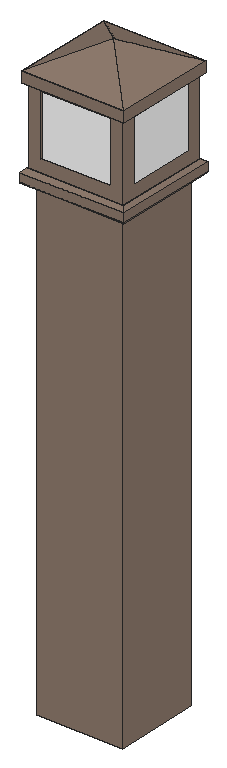
Revit family "BL6111", category Generic Models, Revit 2014
Parameters
  TOP CAP = Bronze, Architectural
  LIGHT HOUSING = Bronze, Architectural
  LENS = Acrylic
  BOTTOM BASE = Bronze, Architectural
  BODY = Bronze, Architectural
Reference planes (in)
  plane 1 "Center (Front/Back)": y = 0
  plane 2: z = 0
  plane 3 "Center (Left/Right)": x = 0
  plane 4: y = 3.5625
  plane 5: y = -3.5625
Forms (in)
  Extrusion 1, solid, material "Bronze, Architectural" <- "BODY"
    sketch origin (0, 0, 0) x (1, 0, 0) y (0, 0, 1)
      loop
        line (3, 0) -> (3, 33.94376) -> (-3, 33.94376) -> (-3, 0) -> (3, 0)
    from -3 to 3
  Extrusion 2, solid, material "Bronze, Architectural" <- "LIGHT HOUSING"
    sketch origin (0, 0, 0) x (1, 0, 0) y (0, 0, 1)
      loop
        line (-3.3125, 34.19376) -> (3.3125, 34.19376) -> (3.3125, 40.19376) -> (-3.3125, 40.19376) -> (-3.3125, 34.19376)
    from -3.3125 to 3.3125
  Extrusion 3, solid, material "Bronze, Architectural" <- "BOTTOM BASE"
    sketch origin (0, 0, 0) x (1, 0, 0) y (0, 0, 1)
      loop
        line (3.625, 34.19376) -> (-3.625, 34.19376) -> (-3.625, 33.19376) -> (3.625, 33.19376) -> (3.625, 34.19376)
    from -3.625 to 3.625
  Extrusion 4, solid, material "Bronze, Architectural" <- "TOP CAP"
    sketch origin (0, 0, 0) x (1, 0, 0) y (0, 0, 1)
      loop
        line (3.5625, 39.56242) -> (3.5625, 40.31242) -> (-3.5625, 40.31242) -> (-3.5625, 39.56242) -> (3.5625, 39.56242)
    from -3.5625 to 3.5625
  SweptBlend 5, solid, material "Bronze, Architectural" <- "TOP CAP"
    path origin (0, 0, 0) x (1, 0, 0) y (0, 0, 1)
      loop
        line (0, 40.31242) -> (0, 41.99992)
    profile origin (0, 0, 40.31242) x (-1, 0, 0) y (0, -1, 0)
      loop
        line (3.5625, 3.5625) -> (-3.5625, 3.5625) -> (-3.5625, -3.5625) -> (3.5625, -3.5625) -> (3.5625, 3.5625)
    end profile origin (0, 0, 41.99992) x (-1, 0, 0) y (0, -1, 0)
      loop
        line (0.03125, -0.03125) -> (0.03125, 0.03125) -> (-0.03125, 0.03125) -> (-0.03125, -0.03125) -> (0.03125, -0.03125)
  Extrusion 6, void
    sketch origin (0, 0, 0) x (1, 0, 0) y (0, 0, 1)
      loop
        line (2.4375, 39.31876) -> (-2.4375, 39.31876) -> (-2.4375, 35.06876) -> (2.4375, 35.06876) -> (2.4375, 39.31876)
    from 3.21875 to 3.5625
  Extrusion 7, void
    sketch origin (0, 0, 0) x (0.000004, -1, 0) y (0, 0, 1)
      loop
        line (2.4375, 39.31876) -> (-2.4375, 39.31876) -> (-2.4375, 35.06876) -> (2.4375, 35.06876) -> (2.4375, 39.31876)
    from 3.21874 to 3.5625
  Extrusion 8, void
    sketch origin (0, 0, 0) x (-0.000002, 1, 0) y (0, 0, 1)
      loop
        line (2.4375, 39.31876) -> (-2.4375, 39.31876) -> (-2.4375, 35.06876) -> (2.4375, 35.06876) -> (2.4375, 39.31876)
    from 3.21874 to 3.5625
  Extrusion 9, void
    sketch origin (0.00001, 0, 0) x (-1, -0.000006, 0) y (0, 0, 1)
      loop
        line (2.4375, 39.31876) -> (-2.4375, 39.31876) -> (-2.4375, 35.06876) -> (2.4375, 35.06876) -> (2.4375, 39.31876)
    from 3.21874 to 3.5625
  Extrusion 10, solid, material "Acrylic" <- "LENS"
    sketch origin (0, 0, 0) x (1, 0, 0) y (0, 0, 1)
      loop
        line (-3.24999, 39.31876) -> (-3.24999, 35.06876) -> (3.25, 35.06876) -> (3.25, 39.31876) -> (-3.24999, 39.31876)
    from -3.25 to 3.25
  Sweep 11, void
    path in 3D
      loop
        line (-3.625, 3.625, 34.19376) -> (3.625, 3.625, 34.19376) -> (3.625, -3.625, 34.19376) -> (-3.625, -3.625, 34.19376) -> (-3.625, 3.625, 34.19376)
    profile origin (-3.625, 0, 34.19376) x (-1, 0, 0) y (0, 0, 1)
      loop
        line (0, 0) -> (-0.25, 0) -> (0, -0.25) -> (0, 0)
  Sweep 12, void
    path in 3D
      loop
        line (-3.625, 3.625, 33.19376) -> (3.625, 3.625, 33.19376) -> (3.625, -3.625, 33.19376) -> (-3.625, -3.625, 33.19376) -> (-3.625, 3.625, 33.19376)
    profile origin (-3.625, 0, 33.19376) x (1, 0, 0) y (0, 0, -1)
      loop
        line (0, 0) -> (0, -0.125) -> (0.125, 0) -> (0, 0)
Cuts and joins
  Extrusion 6, Extrusion 7, Extrusion 8, Extrusion 9 cuts Extrusion 2
  Sweep 11, Sweep 12 cuts Extrusion 3
Lines and regions (in)
  sketch lines
    curve 1: line (-3.625, -3.625, 34.19376) -> (-3.625, 3.625, 34.19376)
    curve 2: line (-3.625, 3.625, 34.19376) -> (3.625, 3.625, 34.19376)
    curve 3: line (3.625, -3.625, 34.19376) -> (-3.625, -3.625, 34.19376)
    curve 4: line (3.625, -3.625, 34.19376) -> (3.625, 3.625, 34.19376)
    curve 5: line (-3.625, -3.625, 33.19376) -> (-3.625, 3.625, 33.19376)
    curve 6: line (3.625, 3.625, 33.19376) -> (-3.625, 3.625, 33.19376)
    curve 7: line (-3.625, -3.625, 33.19376) -> (3.625, -3.625, 33.19376)
    curve 8: line (3.625, -3.625, 33.19376) -> (3.625, 3.625, 33.19376)
Dimensions and locks (in)
  aligned and locked: plane 2 to level
